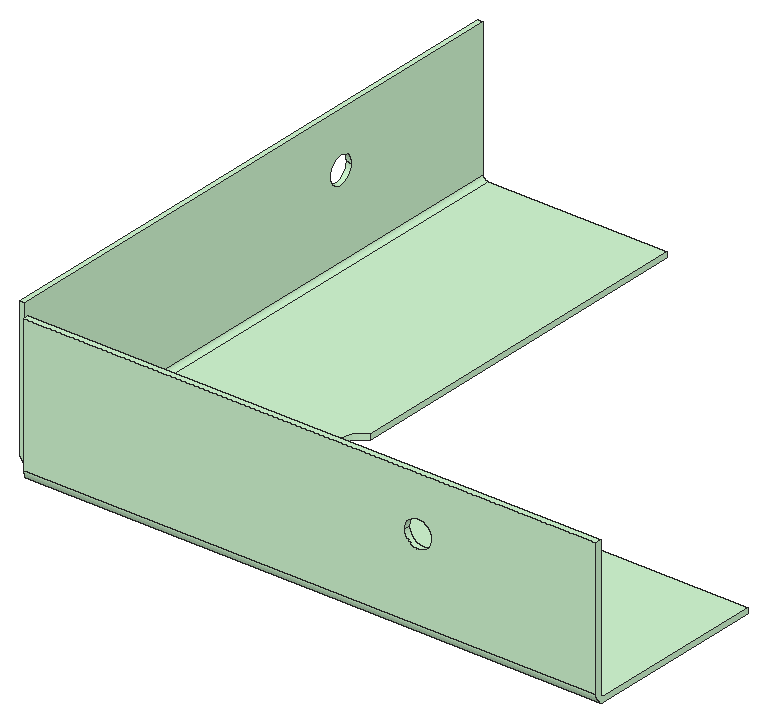
Revit family "30Lバー入隅J-eL3025(ビス)", category 機械設備, Revit 2020
Family settings
  丸型コネクタ寸法 = 直径を使用
  種別 = なし
  パーツ タイプ = 標準
  作業面ベース = いいえ
  常に垂直 = はい
  ロード時にボイドで切り取り = いいえ
  共有 = いいえ
  部屋計算ポイント = いいえ
Parameters
  製造元 = "株式会社桐井製作所"
  既定の高さ = 0 mm
  URL = "https://www.kirii.co.jp/"
  K_材質 = "溶融亜鉛めっき鋼板及び鋼帯 SGCC 一般用"
  K_品名 = "30Lバー入隅J-eL3025(ビス)"
  K_名称 = "Lバージョイント"
  K_入数 = "200"
  K_備考 = "対象Lバー:eL3025(30面)"
  K_バージョン情報 = "20220915"
  K_めっき付着量 = "Z12"
  K_JIS規格 = "JIS G 3302"
Reference planes
  plane 1 "中心(正面/背面)": y = 0
  plane 2: z = 0
  plane 3 "中心(左/右)": x = 0
Forms (mm)
  Extrusion 1, solid
    sketch origin (-0.8, 0, 0) x (-1, 0, 0) y (0, 0, -1)
      loop
        line (0, -21.5) -> (0, -1.5)
        arc (0, -1.5) -> (-0.439, -0.439) -> (-1.5, 0) r 1.5
        line (-1.5, 0) -> (-27.8, 0) -> (-27.8, -0.8) -> (-1.5, -0.8)
        arc (-1.5, -0.8) -> (-1.005, -1.005) -> (-0.8, -1.5) r 0.7
        line (-0.8, -1.5) -> (-0.8, -21.5) -> (0, -21.5)
    from -86 to -2.2
  Extrusion 2, solid
    sketch origin (0, 0, 0.8) x (0, 1, 0) y (0, 0, 1)
      loop
        arc (-0.8, 0.7) -> (-0.361, -0.361) -> (0.7, -0.8) r 1.5
        line (0.7, -0.8) -> (27, -0.8) -> (27, 0) -> (0.7, 0)
        arc (0.7, 0) -> (0.205, 0.205) -> (0, 0.7) r 0.7
        line (0, 0.7) -> (0, 20.7) -> (-0.8, 20.7) -> (-0.8, 0.7)
    from 2.2 to 86
  Extrusion 3, void
    sketch origin (0, 0, 0) x (0, 1, 0) y (0, 0, 1)
      loop
        circle (60, 13.5) r 2
    from -0.8 to 0
  Extrusion 4, void
    sketch origin (0, 0, 0) x (1, 0, 0) y (0, 0, 1)
      loop
        circle (60, 13.5) r 2
    from 0 to 0.8
  Extrusion 5, void
    sketch origin (0, 0, 0) x (1, 0, 0) y (0, 1, 0)
      loop
        line (27, 27) -> (27, 31.705)
        arc (27, 31.705) -> (25.895, 26.062) -> (31.568, 27) r 3.5
        line (31.568, 27) -> (27, 27)
    from 0 to 0.8
Cuts and joins
  Extrusion 3, Extrusion 5 cuts Extrusion 1
  Extrusion 4, Extrusion 5 cuts Extrusion 2
  joined: Extrusion 1, Extrusion 2
Dimensions and locks
  aligned and locked: level to plane 2
